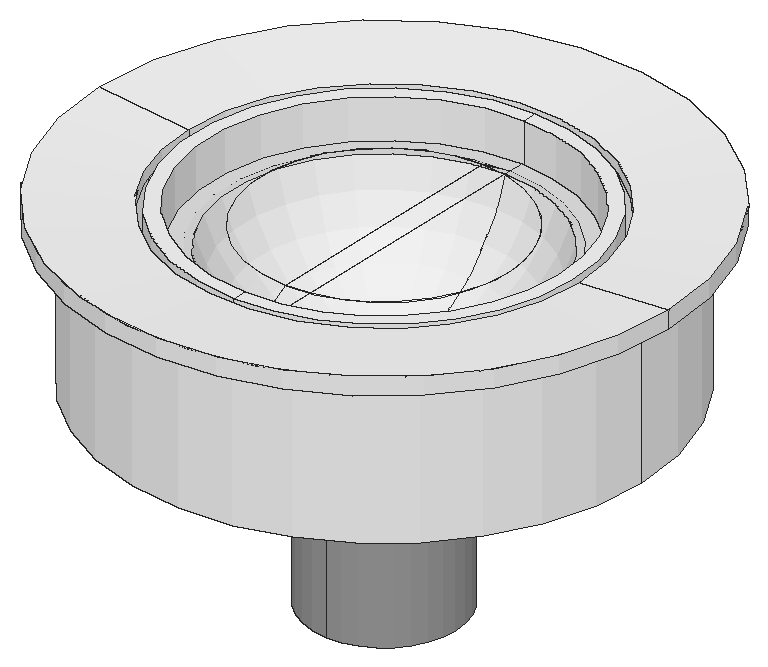
Revit family "3001760 Sylvania Lighting Fixture INS TR SW REFLED ES50 36° WH WW DIM", category Lighting Fixtures, host Face, Revit 2016
Family settings
  Host = Face
  Part Type = Normal
  Round Connector Dimension = Use Diameter
  OmniClass Number = 23.80.70.00
  OmniClass Title = Lighting
  Cut with Voids When Loaded = No
  Light Source = No
  Shared = No
  Room Calculation Point = No
Parameters (values of type "3001760 INS TR SW REFLED ES50 36° WH WW DIM")
  Weight = "5.43 kg"
  Wattage Comments = ""
  WarrantyStartDate [instance] = "n/a"
  WarrantyGuarantorParts = "n/a"
  WarrantyDurationUnit = "n/a"
  WarrantyDurationParts = "n/a"
  WarrantyDescription = "n/a"
  Voltage = 230 V
  URL = "http://www.sylvania-lighting.com"
  TypeName = "INS TR SW REFLED ES50 36° WH WW DIM"
  TypeHead_SYL = Inset Adjustable Head : 3001760 INS TR SW REFLED ES50 36° WH WW DIM
  Type Image = <None>
  Type Comments = "n/a"
  TiltAngle_SYL [instance] = 0.00°
  SerialNumber [instance] = "n/a"
  RadiusTrimIn_SYL = if(IP44Version_SYL, 31 mm, 28.5 mm)  # 28.5 mm
  Material_3_FEILO = none
  PowerFactor = 0
  PowerConsumption = "6 W"
  NominalLength = 83 mm
  NominalHeight = 85 mm
  NominalDepth = 83 mm
  Name = "INS TR SW REFLED ES50 36° WH WW DIM"
  ModelReference = Name  # "INS TR SW REFLED ES50 36° WH WW DIM"
  ModelNumber = "3001760"
  Model = Name  # "INS TR SW REFLED ES50 36° WH WW DIM"
  Material = "aluminium housing, plastic diffuser"
  ManufacturerName = "Feilo Sylvania"
  Manufacturer = "Feilo Sylvania"
  LuminousEfficacy = "57.5 lm/W"
  LuminaireType = ""
  LightOutputRatio = "100"
  LampsType = Lamp  # "LED"
  LampNominalLuminous = "345 lm"
  LampMacAdamStep = "n/a"
  LampColourTemperature = "3000 K"
  LampColourRenderingIndex = "80"
  Lamp = "LED"
  IP44Version_SYL = no
  Keynote = "16500"
  InstallationDate [instance] = "n/a"
  InputVoltage = "220-240V~"
  InputNominalFrequency = "n/a"
  IngressProtection = "IP20"
  ImpactProtectionIndex = "IK02"
  IfcExportType = "IfcLightFixtureType"
  IfcExportAs = "IfcLightFixtureType"
  HeightTrim_SYL = if(IP44Version_SYL, 4 mm, 2.5 mm)  # 2.5 mm
  ExpectedLife = 50000
  EndAngle_SYL [instance] = TiltAngle_SYL + 180.00°  # 180.00°
  ElectricShockClassification = "n/a"
  DurationUnit = "hours"
  DocumentationLiterature = "http://www.sylvania-lighting.com/product/en-int/products/3001760"
  DimmingControlOptions = "Dimmable"
  Material_2_FEILO = none
  RadiusTrim_SYL = if(IP44Version_SYL, 47.5 mm, 41.5 mm)  # 41.5 mm
  Description = ""
  Default Elevation = 1219.2 mm
  CreatedOn = "6/19/2018"
  CreatedBy = "aron.fodor@sylvania-lighting.com"
  Cost = 0
  built-in parameter 1114216 [instance] = (empty or 0)
  ClassificationValue = "EF_70_80"
  ClassificationName = "Uniclass2015"
  Material_1_FEILO = Body-Sylvania-Inset-White
  BarCode [instance] = "n/a"
  AssetType = "Fixed"
  AssetIdentifier [instance] = "n/a"
  Assembly Code = "D5020200"
  Apparent Load = 6 VA
  Material_4_FEILO = none
Reference planes
  plane 1 "Center (Front/Back)": y = 0
  plane 2: z = 0
  plane 3 "Center (Left/Right)": x = 0
  plane 4: x = -28.5
  plane 5: x = -37.5
  plane 6: z = -150
  plane 7: x = -41.5
  plane 8: z = 2.5
  plane 9: z = -21.5
  plane 10: x = -34.5
  plane 11: z = -5
  plane 12: z = 1.5
Forms (mm)
  Revolve 1, void
    sketch origin (0, 0, 0) x (1, 0, 0) y (0, 0, 1)
      loop
        line (0, 0) -> (-37.5, 0) -> (-37.5, -150) -> (0, -150) -> (0, 0)
      axis (0, 0) -> (0, -150)
    angle from 360 to 0
  Revolve 2, solid, material "Body-Sylvania-Inset-White" <- "Material_1_FEILO"
    sketch origin (0, 0, 0) x (1, 0, 0) y (0, 0, 1)
      loop
        line (-28.5, 1.5) -> (-41.5, 2.5) -> (-41.5, 0) -> (-37.5, 0) -> (-37.5, -21.5) -> (-34.5, -21.5) -> (-34.5, 0) -> (-28.5, 0) -> (-28.5, 1.5)
      axis (0, 2.5) -> (0, -21.5)
    angle from 360 to 0
  Revolve 3, solid, not visible
    sketch origin (1223.4, -4572, -5) x (0, -1, 0) y (1, 0, 0)
      loop
        line (-4572, -1223.4) -> (-4578.789, -1223.4) -> (-4578.789, -1237.739) -> (-4572, -1237.739) -> (-4572, -1223.4)
      axis (-4572, -1223.4) -> (-4572, -1237.739)
    angle from 0 <- "TiltAngle_SYL" to 180 <- "EndAngle_SYL"
Dimensions and locks
  locked: plane 2 to plane 6 at 150
  "HeightTrim_SYL": plane 8 to plane 2
  "RadiusTrim_SYL": plane 3 "Center (Left/Right)" to plane 7
  locked: plane 3 "Center (Left/Right)" to plane 5 at 37.5
  locked: plane 8 to plane 9 at 24
  locked: plane 10 to plane 5 at 3
  "RadiusTrimIn_SYL": plane 3 "Center (Left/Right)" to plane 4
  locked: plane 8 to plane 11 at 7.5
  locked: plane 8 to plane 12 at 1
  aligned and locked: plane 2 to host face
  aligned and locked: level to host face
  aligned and locked: Revolve 1 sketch curve to plane 3 "Center (Left/Right)"
  aligned and locked: level to Revolve 1 sketch curve
  aligned and locked: plane 3 "Center (Left/Right)" to Revolve 1 sketch curve
  aligned and locked: Revolve 1 sketch curve to plane 5
  aligned and locked: Revolve 1 sketch curve to plane 6
  aligned and locked: plane 4 to Revolve 2 sketch curve  (x2)
  aligned and locked: Revolve 2 sketch curve to plane 7
  aligned and locked: Revolve 2 sketch curve to level  (x2)
  aligned and locked: Revolve 2 sketch curve to plane 5
  aligned and locked: plane 9 to Revolve 2 sketch curve
  aligned and locked: plane 10 to Revolve 2 sketch curve
  aligned and locked: Revolve 3 sketch curve to plane 1 "Center (Front/Back)"
  aligned and locked: Revolve 3 sketch curve to Revolve 3 sketch curve
  aligned and locked: plane 3 "Center (Left/Right)" to Revolve 3 sketch curve
  aligned and locked: plane 12 to Revolve 2 sketch curve
  aligned and locked: plane 3 "Center (Left/Right)" to nested 1
Automatic sketch dimensions
  host sketch curve to host sketch curve = 2438.4 mm  (x2)
  Revolve 1 sketch curve to plane 6 = 459.6 mm
  Revolve 1 sketch curve to plane 8 = 2606.558 mm
  Revolve 2 sketch curve to plane 3 "Center (Left/Right)" = 0 mm
  Revolve 2 sketch curve to plane 6 = 459.6 mm
  Revolve 2 sketch curve to plane 8 = 2606.558 mm
  Revolve 3 sketch curve to plane 1 "Center (Front/Back)" = 6.789 mm
  plane 4 to Revolve 3 sketch curve = 14.161 mm
  Revolve 3 sketch curve to plane 7 = 1476.5 mm
  plane 3 "Center (Left/Right)" to Revolve 3 sketch curve = 1524 mm
  Revolve 2 sketch curve to plane 8 = 0 mm
Nested families
  nested 1: "Inset Adjustable Head" at (0, 0, -5) x (0, 1, 0) z (0, 0, 1), type <- "TypeHead_SYL", type "3001760 INS TR SW REFLED ES50 36° WH WW DIM"
    with built-in parameter 1114216 (empty or 0)
Connectors
  electrical at (0, 0, 0), driven by "Apparent Load", driven by "PowerFactor", driven by "Voltage"
    settings: index 1, voltage 230 V, apparent load 6 VA, apparent load phase1 0 VA, apparent load phase2 0 VA, apparent load phase3 0 VA, power factor 0, load classification "Lighting", number of poles 1, system type 30, power factor state 1, is connector primary yes, connector utility no, sub classification motor no, connector description ""
Definition of nested family "Inset Adjustable Head"
  Parameters (values of type "3001779 INSET TREND SW WH REF SUPV3 40° NW DIM")
    Wattage Comments = "n/a"
    Wattage = 6 W
    built-in parameter 1150110 = 1 (stored number, unit not read)
    URL = "http://www.sylvania-lighting.com"
    Type Image = (empty or 0)
    Type Comments = "n/a"
    built-in parameter 1114217 = 1 (stored number, unit not read)
    Tilt Angle = -90.00°
    built-in parameter 1150109 = 1 (stored number, unit not read)
    built-in parameter 1150134 = 12
    built-in parameter 1150113 = 1 (stored number, unit not read)
    RadiusOut_SYL = if(L_SYL, 30 mm, 27.5 mm)  # 27.5 mm
    Photometric Web File = "0027936.ies"
    Material_5_SYL = none
    Material_3_SYL = none
    Model = "INSET TREND SW WH REF SUPV3 40° NW DIM"
    Manufacturer = "Feilo Sylvania"
    built-in parameter 1150105 = 266.2 (stored number, unit not read)
    Lumens = 414 lm
    built-in parameter 1150115 = 1 (stored number, unit not read)
    built-in parameter 1150137 = (empty or 0)
    built-in parameter 1150139 = (empty or 0)
    built-in parameter 1150112 = 1 (stored number, unit not read)
    built-in parameter 1150114 = 1 (stored number, unit not read)
    Lamp = "LED"
    L_SYL = no
    Keynote = "16500"
    Material_2_SYL = none
    built-in parameter 1150132 = (empty or 0)
    built-in parameter 1150102 = (empty or 0)
    built-in parameter 1150107 = 4000 (stored number, unit not read)
    built-in parameter 1150138 = (empty or 0)
    built-in parameter 1150106 = 2.662 (stored number, unit not read)
    Emit from Circle Diameter = 40 mm
    Emit Shape Visible in Rendering = no
    built-in parameter 1150104 = 6.4103 (stored number, unit not read)
    Dimming Lamp Color Temperature Shift = (empty or 0)
    Description = "GU10 Housing with LED lamp included, Ideal for indoor application, Loop in - loop out box included"
    Default Elevation = 1219.2 mm
    Cost = 0
    Color Filter = 16777215
    built-in parameter 1114216 [instance] = (empty or 0)
    Material_1_SYL = none
    built-in parameter 1114218 = 1 (stored number, unit not read)
    built-in parameter 1150133 = 10 (stored number, unit not read)
    Assembly Code = "D5020200"
    Apparent Load = 6 VA
    Material_4_SYL = none
  Types (16, lengths in mm): name | Wattage | built-in parameter 1150134 | RadiusOut_SYL | Photometric Web File | Model | built-in parameter 1150105 | Lumens | L_SYL | built-in parameter 1150107 | built-in parameter 1150106 | built-in parameter 1150104 | Description | Apparent Load
    3001779 INSET TREND SW WH REF SUPV3 40° NW DIM | 6 W | 12 | 27.5 | "0027936.ies" | "INSET TREND SW WH REF SUPV3 40° NW DIM" | 266.2 (stored number, unit not read) | 414 lm | no | 4000 (stored number, unit not read) | 2.662 (stored number, unit not read) | 6.4103 (stored number, unit not read) | "GU10 Housing with LED lamp included, Ideal for indoor application, Loop in - loop out box included" | 6 VA
    3001778 INSET TREND SW WH REF SUPV3 40° WW DIM | 6 W | (empty or 0) | 27.5 | "0027934.ies" | "INSET TREND SW WH REF SUPV3 40° WW DIM" | 248.03 (stored number, unit not read) | 402 lm | no | 3000 (stored number, unit not read) | 2.4803 (stored number, unit not read) | 6.2245 (stored number, unit not read) | "GU10 Housing with LED lamp included, Ideal for indoor application, Loop in - loop out box included" | 6 VA
    3001775 INSET TREND SW IP44 WH REF SUPV3 40° NW | 5 W | 12 | 30 | "0027930.ies" | "INSET TREND SW IP44 WH REF SUPV3 40° NW" | 244.34 (stored number, unit not read) | 380 lm | yes | 4000 (stored number, unit not read) | 2.4434 (stored number, unit not read) | 7.0606 (stored number, unit not read) | "GU10 Housing with LED lamp included, Ideal for indoor application, Loop in - loop our box included" | 5 VA
    3001774 INSET TREND SW IP44 WH REF SUPV3 40° WW | 5 W | (empty or 0) | 30 | "0027928.ies" | "INSET TREND SW IP44 WH REF SUPV3 40° WW" | 228.29 (stored number, unit not read) | 370 lm | yes | 3000 (stored number, unit not read) | 2.2829 (stored number, unit not read) | 6.8748 (stored number, unit not read) | "GU10 Housing with LED lamp included, Ideal for indoor application, Loop in - loop out box included" | 5 VA
    3001773 INSET TREND SW BA REF SUPV3 40° NW | 5 W | 12 | 27.5 | "0027930.ies" | "INSET TREND SW BA REF SUPV3 40° NW" | 244.34 (stored number, unit not read) | 380 lm | no | 4000 (stored number, unit not read) | 2.4434 (stored number, unit not read) | 7.0606 (stored number, unit not read) | "GU10 Housing with LED lamp included, Ideal for indoor application, Loop in - loop out box included" | 5 VA
    3001772 INSET TREND SW BA REF SUPV3 40° WW | 5 W | (empty or 0) | 27.5 | "0027928.ies" | "INSET TREND SW BA REF SUPV3 40° WW" | 228.29 (stored number, unit not read) | 370 lm | no | 3000 (stored number, unit not read) | 2.2829 (stored number, unit not read) | 6.8748 (stored number, unit not read) | "GU10 Housing with LED lamp included, Ideal for indoor application, Loop in - loop out box included" | 5 VA
    3001771 INSET TREND SW WH REF SUPV3 40°NW | 5 W | 12 | 27.5 | "0027930.ies" | "INSET TREND SW WH REF SUPV3 40°NW" | 244.34 (stored number, unit not read) | 380 lm | no | 4000 (stored number, unit not read) | 2.4434 (stored number, unit not read) | 7.0606 (stored number, unit not read) | "GU10 Housing with LED lamp included, Ideal for indoor application, Loop in - loop out box included" | 5 VA
    3001770 INSET TREND SW WH REF SUPV3 40°WW | 5 W | (empty or 0) | 27.5 | "0027928.ies" | "INSET TREND SW WH REF SUPV3 40°WW" | 228.29 (stored number, unit not read) | 370 lm | no | 3000 (stored number, unit not read) | 2.2829 (stored number, unit not read) | 6.8748 (stored number, unit not read) | "GU10 Housing with LED lamp included, Ideal for indoor application, Loop in - loop out box included" | 5 VA
    3001767 INSTR SW IP44 REFLED BA NW DIM | 6 W | 12 | 30 | "0027928.ies" | "INSTR SW IP44 REFLED BA NW DIM" | 212.87 (stored number, unit not read) | 345 lm | yes | 4000 (stored number, unit not read) | 2.1287 (stored number, unit not read) | 5.3419 (stored number, unit not read) | "" | 6 VA
    3001766 INSTR SW IP44 REFLED BA WW DIM | 6 W | (empty or 0) | 30 | "0027928.ies" | "INSTR SW IP44 REFLED BA WW DIM" | 212.87 (stored number, unit not read) | 345 lm | yes | 3000 (stored number, unit not read) | 2.1287 (stored number, unit not read) | 5.3419 (stored number, unit not read) | "" | 6 VA
    3001765 INS TR IP44 REFLED ES50 36° WH NW DIM | 6 W | 12 | 30 | "0027928.ies" | "INS TR IP44 REFLED ES50 36° WH NW DIM" | 212.87 (stored number, unit not read) | 345 lm | yes | 4000 (stored number, unit not read) | 2.1287 (stored number, unit not read) | 5.3419 (stored number, unit not read) | "" | 6 VA
    3001764 INS TR IP44 REFLED ES50 36° WH WW DIM | 6 W | (empty or 0) | 30 | "0027928.ies" | "INS TR IP44 REFLED ES50 36° WH WW DIM" | 212.87 (stored number, unit not read) | 345 lm | yes | 3000 (stored number, unit not read) | 2.1287 (stored number, unit not read) | 5.3419 (stored number, unit not read) | "" | 6 VA
    3001763 INS TR SW REFLED ES50 36° BA NW DIM | 6 W | 12 | 27.5 | "0027928.ies" | "INS TR SW REFLED ES50 36° BA NW DIM" | 212.87 (stored number, unit not read) | 345 lm | no | 4000 (stored number, unit not read) | 2.1287 (stored number, unit not read) | 5.3419 (stored number, unit not read) | "" | 6 VA
    3001762 INS TR SW REFLED ES50 36° BN WW DIM | 6 W | (empty or 0) | 27.5 | "0027928.ies" | "INS TR SW REFLED ES50 36° BN WW DIM" | 212.87 (stored number, unit not read) | 345 lm | no | 3000 (stored number, unit not read) | 2.1287 (stored number, unit not read) | 5.3419 (stored number, unit not read) | "" | 6 VA
    3001761 INS TR SW REFLED ES50 36° WH NW DIM | 6 W | 12 | 27.5 | "0027928.ies" | "INS TR SW REFLED ES50 36° WH NW DIM" | 212.87 (stored number, unit not read) | 345 lm | no | 4000 (stored number, unit not read) | 2.1287 (stored number, unit not read) | 5.3419 (stored number, unit not read) | "" | 6 VA
    3001760 INS TR SW REFLED ES50 36° WH WW DIM | 6 W | (empty or 0) | 27.5 | "0027928.ies" | "INS TR SW REFLED ES50 36° WH WW DIM" | 212.87 (stored number, unit not read) | 345 lm | no | 3000 (stored number, unit not read) | 2.1287 (stored number, unit not read) | 5.3419 (stored number, unit not read) | "" | 6 VA
  Reference planes
    plane 1 "Center (Front/Back)": y = 0
    plane 2: z = 0
    plane 3 "Center (Left/Right)": x = 0
    plane 4: x = -25
    plane 5: x = -22
    plane 6: x = -25.5
    plane 7: x = -27.5
    plane 8: z = -15.5
    plane 9: z = 6.5
    plane 10: z = 1
    plane 11: z = 4
    plane 12: x = -18
    plane 13: z = -0.8
    plane 14: x = -23
    plane 15: z = -45.3
    plane 16: z = -23.6
    plane 17: x = -10.5
    plane 18: z = 5.656
    plane 19: z = 4.656
  Forms (mm)
    Extrusion 1, solid
      sketch origin (4.2, 0, 0) x (1, 0, 0) y (0, 1, 0)
        loop
          line (-1219.2, 1219.2) -> (-1219.2, -1219.2) -> (1219.2, -1219.2) -> (1219.2, 1219.2) -> (-1219.2, 1219.2)
      from 0 to -68.017
    Revolve 2, solid, material <- "Material_4_SYL"
      sketch origin (0, 0, 0) x (1, 0, 0) y (0, 0, 1)
        loop
          line (-27.5, 6.5) -> (-27.5, -15.5) -> (-25.5, -15.5) -> (-25.5, 6.5) -> (-27.5, 6.5)
        axis (0, 6.5) -> (0, -15.5)
      angle from 360 to 0
    Revolve 3, solid
      sketch origin (0, 0, 0) x (1, 0, 0) y (0, 0, 1)
        loop
          line (-22, 1) -> (-25, 1) -> (-25, -0.8) -> (-23, -0.8)
          arc (-23, -0.8) -> (-19.516, -12.494) -> (-12.128, -22.205) r 34
          arc (-12.128, -22.205) -> (-10.925, -23.879) -> (-10.5, -25.897) r 5
          line (-10.5, -25.897) -> (-10.5, -45.3) -> (0, -45.3) -> (0, -15.5)
          arc (0, -15.5) -> (-13.75, -10.917) -> (-22, 1) r 22.917
        axis (0, 1) -> (0, -45.3)
      angle from 360 to 0
    Revolve 4, solid, material <- "Material_2_SYL"
      sketch origin (0, 0, 0) x (1, 0, 0) y (0, 0, 1)
        loop
          line (-23, 1) -> (0, 1) -> (0, 4) -> (-18, 4) -> (-23, 1)
        axis (0, 4) -> (0, 1)
      angle from 360 to 0
    Revolve 5, solid, material <- "Material_2_SYL", visible <- "L_SYL"
      sketch origin (0, 0, 0) x (1, 0, 0) y (0, 0, 1)
        loop
          line (-25.5, 5.656) -> (-25.5, 4.656) -> (0, 4.656) -> (0, 5.656) -> (-25.5, 5.656)
        axis (0, 5.656) -> (0, 4.656)
      angle from 360 to 0
  Dimensions and locks
    locked: plane 2 to plane 8 at 15.5
    locked: plane 9 to plane 8 at 22
    "RadiusOut_SYL": plane 3 "Center (Left/Right)" to plane 7
    locked: plane 3 "Center (Left/Right)" to plane 4 at 25
    locked: plane 9 to plane 10 at 5.5
    locked: plane 11 to plane 10 at 3
    locked: plane 12 to plane 5 at 4
    locked: plane 10 to plane 13 at 1.8
    locked: plane 14 to plane 4 at 2
    locked: plane 11 to plane 16 at 27.6
    locked: plane 11 to plane 15 at 49.3
    locked: plane 3 "Center (Left/Right)" to plane 17 at 10.5
    locked: plane 5 to plane 4 at 3
    locked: plane 3 "Center (Left/Right)" to plane 6 at 25.5
    locked: plane 18 to plane 19 at 1
    locked: plane 9 to plane 18 at 0.844
    radius of Revolve 3 sketch curve = 34 mm
    radius of Revolve 3 sketch curve = 22.917 mm
    aligned and locked: plane 2 to Extrusion 1
    aligned and locked: level to Extrusion 1
    aligned and locked: Revolve 2 sketch curve to plane 3 "Center (Left/Right)"
    aligned and locked: Revolve 2 sketch curve to plane 9
    aligned and locked: plane 7 to Revolve 2 sketch curve
    aligned and locked: plane 8 to Revolve 2 sketch curve
    aligned and locked: Revolve 2 sketch curve to plane 6
    aligned and locked: Revolve 3 sketch curve to plane 3 "Center (Left/Right)"  (x2)
    aligned and locked: plane 10 to Revolve 3 sketch curve
    aligned and locked: Revolve 3 sketch curve to plane 4
    aligned and locked: plane 14 to Revolve 3 sketch curve
    aligned and locked: Revolve 3 sketch curve to plane 13
    aligned and locked: plane 15 to Revolve 3 sketch curve
    aligned and locked: Revolve 3 sketch curve to plane 17
    aligned and locked: plane 5 to Revolve 3 sketch curve
    aligned and locked: Revolve 4 sketch curve to plane 3 "Center (Left/Right)"  (x2)
    aligned and locked: plane 14 to Revolve 4 sketch curve
    aligned and locked: plane 12 to Revolve 4 sketch curve
    aligned and locked: Revolve 4 sketch curve to plane 11
    aligned and locked: Revolve 4 sketch curve to plane 10
    aligned and locked: plane 11 to imposter light
    aligned and locked: Revolve 5 sketch curve to plane 3 "Center (Left/Right)"  (x2)
    aligned and locked: Revolve 5 sketch curve to plane 18
    aligned and locked: plane 6 to Revolve 5 sketch curve
    aligned and locked: plane 19 to Revolve 5 sketch curve
  Automatic sketch dimensions
    Extrusion 1 sketch curve to Extrusion 1 sketch curve = 2438.4 mm  (x2)
    Revolve 2 sketch curve to plane 15 = 564.3 mm
    plane 9 to Revolve 2 sketch curve = 2602.558 mm
    plane 12 to Revolve 3 sketch curve = 2.5 mm
    Revolve 3 sketch curve to plane 11 = 1.097 mm
    Revolve 3 sketch curve to plane 16 = 2.297 mm
    Revolve 3 sketch curve to plane 15 = 564.3 mm
    Revolve 3 sketch curve to Revolve 3 sketch curve = 2601.641 mm
    Revolve 4 sketch curve to plane 15 = 564.3 mm
    plane 9 to Revolve 4 sketch curve = 2602.558 mm
    Revolve 5 sketch curve to plane 15 = 564.3 mm
    plane 9 to Revolve 5 sketch curve = 2602.558 mm
